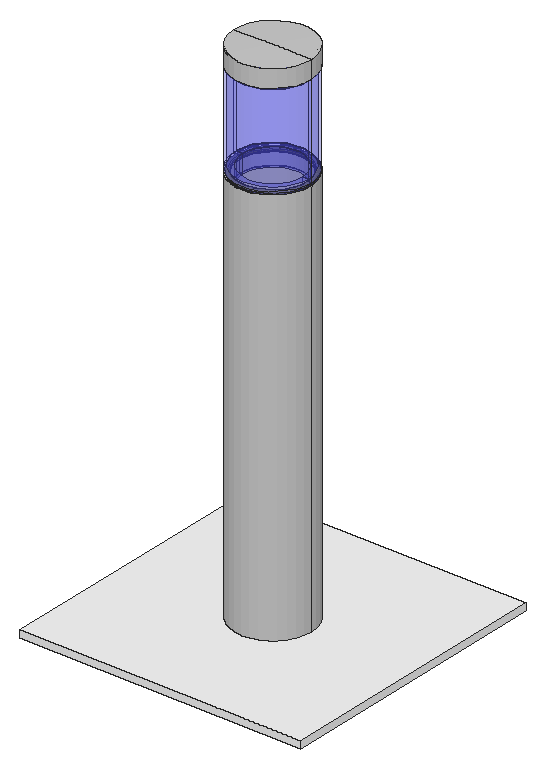
Revit family "BE_84417_de_DE", category Leuchten, Revit 2020
Family settings
  Basisbauteil = Fläche
  Bemaßung runder Anschluss = Durchmesser verwenden
  Teiletyp = Normal
  Beim Laden mit Abzugskörper schneiden = Ja
  Lichtquelle = Ja
  Gemeinsam genutzt = Nein
  Raumberechnungspunkt = Ja
Parameters (values of type "BEGA_84417_Silber_K4")
  built-in parameter 1150104 = 18.343 (stored number, unit not read)
  Wattage = 3.9 W
  Default Elevation = 0 mm
  built-in parameter 1150113 = 1 (stored number, unit not read)
  built-in parameter 1114218 = 1 (stored number, unit not read)
  Umgebungstemperatur = "25 °C"
  URL = "https://www.bega.com/de/produkt/84417"
  Typenkommentare = "© 2022 BEGA. Wir behalten uns das Recht vor, technische Änderungen ohne vorherige Ankündigung vorzunehmen."  # constant formula
  Type Image = 84417.png
  built-in parameter 1150134 = 12
  built-in parameter 1150109 = 1 (stored number, unit not read)
  Strom = ""
  built-in parameter 1150110 = 1 (stored number, unit not read)
  Spannung = 239.996 V
  Sonderanfertigung = no
  Seriennummer [instance] = "Hier können Sie die eindeutige Seriennummer für das Facility Management eintragen."
  Schutzklasse = "I"
  Schutzart = "IP 65"
  Scheinlast = 0 VA
  Produktdatenblatt = "https://cdn.bega.com/bega/products/84417AK4/current/documents/data-sheets/de"
  Oberflächentemperatur = ""
  Neigungswinkel = 0.00°
  Modell = "84417AK4"
  Material_18 = BEGA_Gummi_schwarz
  Material_17 = BEGA_Reflektor
  Material_15 = BEGA_Leuchtmedium_matt
  Material_11 = BEGA_Glas_opal
  Material_09 = BEGA_Glas_klar
  Material_08 = BEGA_Oberfläche_Stahl_verzinkt
  Material_06 = BEGA_Oberfläche_Edelstahl_gebürstet
  Material_03 = BEGA_Oberfläche_Weiss_matt
  Material_02 = BEGA_Oberfläche_Silber_matt
  Material_01 [instance] = BEGA_Oberfläche_Grafit_matt
  M_W = no
  M_G = no
  M_A = yes
  Logo = 0
  built-in parameter 1114217 = 1 (stored number, unit not read)
  built-in parameter 1150139 = (empty or 0)
  built-in parameter 1150105 = 61.276 (stored number, unit not read)
  built-in parameter 1150114 = 1 (stored number, unit not read)
  Lumens = 770.016 lm
  built-in parameter 1150115 = 1 (stored number, unit not read)
  Leuchtenlichtstrom = "475 lm"
  Leuchtenanzahl = ""
  Lebensdauerkriterien = "L70B50 @ 25 °C = 200000 h"
  Lastklassifizierung = Beleuchtung
  built-in parameter 1150112 = 1 (stored number, unit not read)
  Lampenlichtstrom = "770 lm"
  Lampe = "LED 3.9 W"
  LED_Modulbezeichnung = "LED-0265/840"
  built-in parameter 1150142 = (empty or 0)
  Hersteller = "BEGA"  # constant formula
  Halbstreuwinkel = ""
  Gewicht = "3.2 kg"
  Gebrauchslageneinschränkung [instance] = ""
  Frequenz = "0/50-60 Hz"
  Farbwiedergabeindex = "CRI > 80"
  Farbtemperaturverschiebung bei Dämpfen der Lampe = <Keine Auswahl>
  Farbtemperatur = "4000 K"
  Color Filter = 16777215
  built-in parameter 1150133 = 10 (stored number, unit not read)
  Energieeffizienzklasse = "LED A++ - A"
  built-in parameter 1150137 = (empty or 0)
  built-in parameter 1150132 = (empty or 0)
  ENEC = "ja"
  Datei für fotometrisches Netz = "BE_84417K4.IES"
  CE_Konformität = "ja"
  Bestellnummer = "84417AK4"
  Beschreibung_Sonderanfertigung = "Hier können Sie Informationen zur Sonderanfertigung eintragen."
  Beschreibung = "Garten- und Wegeleuchte"
  built-in parameter 1150106 = 0.61276 (stored number, unit not read)
  Befestigungsbohrung = "Ø 9 mm"
  Befestigungsabstand = ""
  Ballwurfsicher = ""
  BEGA_Intern_aus = yes
  BEGA_Intern_an = yes
  BEGA_Intern_Konstruktion = yes
  BEGA_Intern = yes
  BEGA_IES = yes
  BEGA_Dummy = no
  Anschlussleitung = ""
  Anschlussleistung [instance] = "5 W"
  built-in parameter 1150107 = 4000 (stored number, unit not read)
  built-in parameter 1150102 = (empty or 0)
  built-in parameter 1150138 = (empty or 0)
  Aktualisierung = "2022-05-19T04:00:07"
  Abstand_zur_angestrahlten_Fläche [instance] = ""
  AC/DC = "AC/DC"
Types (4, lengths in mm): name | built-in parameter 1150104 | built-in parameter 1150134 | Modell | M_G | M_A | built-in parameter 1150105 | Lumens | Leuchtenlichtstrom | Lampenlichtstrom | LED_Modulbezeichnung | Farbtemperatur | Datei für fotometrisches Netz | Bestellnummer | built-in parameter 1150106 | built-in parameter 1150107
  BEGA_84417_Silber_K3 | 17.866 (stored number, unit not read) | (empty or 0) | "84417AK3" | no | yes | 59.684 (stored number, unit not read) | 750.009 lm | "463 lm" | "750 lm" | "LED-0265/830" | "3000 K" | "BE_84417K3.IES" | "84417AK3" | 0.59684 (stored number, unit not read) | 3000 (stored number, unit not read)
  BEGA_84417_Silber_K4 | 18.343 (stored number, unit not read) | 12 | "84417AK4" | no | yes | 61.276 (stored number, unit not read) | 770.016 lm | "475 lm" | "770 lm" | "LED-0265/840" | "4000 K" | "BE_84417K4.IES" | "84417AK4" | 0.61276 (stored number, unit not read) | 4000 (stored number, unit not read)
  BEGA_84417_Grafit_K3 | 17.866 (stored number, unit not read) | (empty or 0) | "84417K3" | yes | no | 59.684 (stored number, unit not read) | 750.009 lm | "463 lm" | "750 lm" | "LED-0265/830" | "3000 K" | "BE_84417K3.IES" | "84417K3" | 0.59684 (stored number, unit not read) | 3000 (stored number, unit not read)
  BEGA_84417_Grafit_K4 | 18.343 (stored number, unit not read) | 12 | "84417K4" | yes | no | 61.276 (stored number, unit not read) | 770.016 lm | "475 lm" | "770 lm" | "LED-0265/840" | "4000 K" | "BE_84417K4.IES" | "84417K4" | 0.61276 (stored number, unit not read) | 4000 (stored number, unit not read)
Reference planes
  plane 1 "Mitte (Vorne/Hinten)": y = 0
  plane 2: z = 0
  plane 3 "Mitte (Links/Rechts)": x = 0
  plane 4 "Links": x = -55
  plane 5 "Rechts": x = 55.007
  plane 6 "Unten": y = -55
  plane 7 "Oben": y = 55
  plane 8 "Vorne": z = 730.771
  plane 9 "Hinten": z = 0
Forms (mm)
  Extrusion 1, solid, material "BEGA_Platte_Weiss"
    sketch origin (0, -1119.2, 0) x (1, 0, 0) y (0, 1, 0)
      loop
        line (-200, 1319.2) -> (-200, 919.2) -> (200, 919.2) -> (200, 1319.2) -> (-200, 1319.2)
    from 0 to -10
  Extrusion 2, solid, material "BEGA_Dummy_matt", visible <- "BEGA_Dummy"
    sketch origin (77.149, -76.023, 0) x (1, 0, 0) y (0, 1, 0)
      loop
        circle (-77.149, 76.023) r 55
    from 0 to 730.771
Dimensions and locks
  plane 1 "Mitte (Vorne/Hinten)" to Extrusion 1 = 200 mm
  aligned and locked: plane 2 to Extrusion 1
  aligned and locked: level to Extrusion 1
Nested families
  nested 1: "84417" at (0, 0, 0), type "84417"
Connectors
  electrical at (0, 0, 0), driven by "Lastklassifizierung", driven by "Spannung", driven by "Scheinlast"
    settings: index 1, voltage 239.996 V, apparent load 0 VA, apparent load phase1 0 VA, apparent load phase2 0 VA, apparent load phase3 0 VA, power factor 1, load classification "Beleuchtung", number of poles 1, system type 31, power factor state 1, is connector primary yes, connector utility no, sub classification motor no, connector description ""
Definition of nested family "84417"
  Parameters (values of type "84417")
    Default Elevation = 1 mm
    URL = "http://www.bega.de/de/produkt"
    Type Comments = "© 2015 BEGA. Wir behalten uns das Recht vor, technische Änderungen ohne vorherige Ankündigung vorzunehmen. "  # constant formula
    Type Image = (empty or 0)
    Neigungswinkel_um_Z2 = 0.00°
    Neigungswinkel_um_Z1 = 0.00°
    Neigungswinkel_um_Y2 = 0.00°
    Neigungswinkel_um_Y1 = 0.00°
    Neigungswinkel_um_X2 = 0.00°
    Neigungswinkel_um_X1 = 0.00°
    Material_18 = none
    Material_17 = none
    Material_15 = none
    Material_11 = none
    Material_09 = none
    Material_08 = none
    Material_06 = none
    Material_02 = none
    Material_01 = none
    M_W = no
    M_G = no
    M_A = yes
    Länge_Platte = 200 mm  # constant formula
    Höhe_Platte = -10 mm  # constant formula
    Manufacturer = "BEGA"  # constant formula
    Drehwinkel_um_Z2 = 0.00°
    Drehwinkel_um_Z1 = 0.00°
    Breite_Platte = 200 mm  # constant formula
  Reference planes
    plane 1 "Mitte (Oben/Unten)": y = 0
    plane 2: z = 0
    plane 3 "Mitte (Links/Rechts)": x = 0
    plane 4 "Links": x = -55
    plane 5 "Rechts": x = 55.007
    plane 6 "Oben": y = 55
    plane 7 "Unten": y = -55
    plane 8: z = 0
    plane 9: z = 730.771
  Forms (mm)
    Extrusion 1, solid, detail levels medium
      sketch origin (0, 0, 0) x (1, 0, 0) y (0, 1, 0)
        loop
          line (-100, 100) -> (-100, -100) -> (100, -100) -> (100, 100) -> (-100, 100)
      from 0 to -10 <- "Höhe_Platte"
    Revolve 2, solid, material <- "Material_01", visible <- "M_G"
      sketch origin (0, 0, 0) x (1, 0, 0) y (0, 0, 1)
        loop
          line (-51.456, 704.455) -> (-51.456, 727.705) -> (-0.001, 727.705) -> (-0.001, 730.752) -> (-55, 729.455) -> (-55, 704.455) -> (-51.456, 704.455)
        axis (-0.001, 730.752) -> (-0.001, 704.455)
      angle from 0 to 360
    Revolve 3, solid, material <- "Material_11"
      sketch origin (0, 0, 0) x (1, 0, 0) y (0, 0, 1)
        loop
          line (0, 726.455) -> (-51.09, 726.455) -> (-51.09, 704.386) -> (-55.001, 704.386) -> (-55.001, 571.741) -> (-48.552, 571.741) -> (-48.552, 566.465) -> (-46.878, 566.465) -> (-46.878, 548.455) -> (-42, 548.455) -> (-42, 575.45) -> (-51, 575.45) -> (-51, 700.45) -> (-47.154, 700.45) -> (-47.154, 723.077) -> (0, 723.077) -> (0, 726.455)
        axis (0, 726.455) -> (0, 548.455)
      angle from 0 to 360
    Revolve 4, solid, material <- "Material_18"
      sketch origin (0, 0, 0) x (1, 0, 0) y (0, 0, 1)
        loop
          circle (-50.836, 569.147) r 2.534
        axis (0, 569.147) -> (0, 568.147)
      angle from 0 to 360
    Revolve 5, solid, material <- "Material_01", visible <- "M_G"
      sketch origin (0, 0, 0) x (1, 0, 0) y (0, 0, 1)
        loop
          line (-55, 568.155) -> (-55, 0) -> (-53, 0) -> (-53, 568.155) -> (-55, 568.155)
        axis (0, 568.155) -> (0, 0)
      angle from 0 to 360
    Revolve 6, solid, material <- "Material_08"
      sketch origin (0, 0, 0) x (1, 0, 0) y (0, 0, 1)
        loop
          line (-44.52, 120) -> (-44.52, 3) -> (-42.5, 3) -> (-42.5, 120) -> (-44.52, 120)
        axis (0, 120) -> (0, 3)
      angle from 0 to 360
    Revolve 7, solid, material <- "Material_02", visible <- "M_A"
      sketch origin (0, 0, 0) x (1, 0, 0) y (0, 0, 1)
        loop
          line (-55, 568.155) -> (-55, 0) -> (-53, 0) -> (-53, 568.155) -> (-55, 568.155)
        axis (0, 568.155) -> (0, 0)
      angle from 0 to 360
    Revolve 8, solid, material <- "Material_02", visible <- "M_A"
      sketch origin (0, 0, 0) x (1, 0, 0) y (0, 0, 1)
        loop
          line (-51.456, 704.455) -> (-51.456, 727.705) -> (-0.008, 727.705) -> (-0.008, 730.752) -> (-55, 729.455) -> (-55, 704.455) -> (-51.456, 704.455)
        axis (-0.008, 730.752) -> (-0.008, 704.455)
      angle from 0 to 360
    Extrusion 9, solid, material <- "Material_08"
      sketch origin (0, 0, 0) x (1, 0, 0) y (0, 1, 0)
        loop
          arc (-4.5, -35.473) -> (0, -39.525) -> (4.5, -35.473) r 4.525
          line (4.5, -35.473) -> (4.5, -32.5)
          arc (4.5, -32.5) -> (0, -28) -> (-4.5, -32.5) r 4.5
          line (-4.5, -32.5) -> (-4.5, -35.473)
        loop
          arc (25.631, 19.982) -> (24.249, 14) -> (30.121, 12.207) r 4.5
          line (30.121, 12.207) -> (32.555, 13.612)
          arc (32.555, 13.612) -> (34.199, 19.745) -> (28.066, 21.388) r 4.489
          line (28.066, 21.388) -> (25.631, 19.982)
        loop
          arc (-28.065, 21.4) -> (-34.211, 19.745) -> (-32.555, 13.6) r 4.5
          line (-32.555, 13.6) -> (-30.393, 12.351)
          arc (-30.393, 12.351) -> (-24.25, 13.998) -> (-25.889, 20.143) r 4.5
          line (-25.889, 20.143) -> (-28.065, 21.4)
        loop
          arc (-24.393, 6.981) -> (-32.482, -0.857) -> (-32.836, -12.115) r 15
          arc (-32.836, -12.115) -> (-30.307, -17.507) -> (-26.899, -22.393) r 35
          arc (-26.899, -22.393) -> (-16.975, -27.703) -> (-6.151, -24.615) r 15
          arc (-6.151, -24.615) -> (0.002, -22.5) -> (6.154, -24.617) r 10
          arc (6.154, -24.617) -> (9.865, -26.739) -> (14.024, -27.727) r 15
          arc (14.024, -27.727) -> (21.138, -26.638) -> (26.925, -22.361) r 15
          arc (26.925, -22.361) -> (30.317, -17.49) -> (32.836, -12.115) r 35
          arc (32.836, -12.115) -> (32.376, -0.621) -> (23.91, 7.167) r 15
          arc (23.91, 7.167) -> (19.219, 11.694) -> (18.305, 18.148) r 10.022
          arc (18.305, 18.148) -> (15.356, 28.752) -> (5.964, 34.488) r 15
          arc (5.964, 34.488) -> (0, 35) -> (-5.964, 34.488) r 35
          arc (-5.964, 34.488) -> (-15.516, 28.536) -> (-18.24, 17.616) r 15
          arc (-18.24, 17.616) -> (-19.49, 11.242) -> (-24.393, 6.981) r 10
        loop
          circle (0, 0) r 47.5
      from 0 to 3
  Cuts and joins
    joined: Revolve 6, Extrusion 9
  Dimensions and locks
    equal spacing: Extrusion 1 sketch curve, plane 3 "Mitte (Links/Rechts)", Extrusion 1 sketch curve
    equal spacing: Extrusion 1 sketch curve, plane 1 "Mitte (Oben/Unten)", Extrusion 1 sketch curve
    "Länge_Platte": Extrusion 1 sketch curve to Extrusion 1 sketch curve
    "Breite_Platte": Extrusion 1 sketch curve to Extrusion 1 sketch curve
    cut or joined group of Revolve 6, Extrusion 9 to plane 3 "Mitte (Links/Rechts)" to cut or joined group of Revolve 6, Extrusion 9 = 4.5 mm, 4.5 mm
    aligned and locked: plane 2 to Extrusion 1
    aligned and locked: level to Extrusion 1
  Automatic sketch dimensions
    Revolve 3 sketch curve to plane 3 "Mitte (Links/Rechts)" = 0 mm  (x2)
    Revolve 3 sketch curve to plane 3 "Mitte (Links/Rechts)" = 42 mm
    Revolve 3 sketch curve to Revolve 3 sketch curve = 4.878 mm
    Revolve 3 sketch curve to Revolve 3 sketch curve = 47.154 mm
    Revolve 3 sketch curve to Revolve 3 sketch curve = 1.674 mm
    Revolve 3 sketch curve to Revolve 3 sketch curve = 3.846 mm
    Revolve 3 sketch curve to Revolve 3 sketch curve = 3.936 mm  (x2)
    Revolve 3 sketch curve to Revolve 3 sketch curve = 4.001 mm
    Revolve 3 sketch curve to Revolve 3 sketch curve = 18.009 mm
    Revolve 3 sketch curve to Revolve 3 sketch curve = 5.276 mm
    Revolve 3 sketch curve to Revolve 3 sketch curve = 3.709 mm
    Revolve 3 sketch curve to Revolve 3 sketch curve = 125 mm
    Revolve 3 sketch curve to Revolve 3 sketch curve = 18.691 mm
    Revolve 3 sketch curve to Revolve 3 sketch curve = 3.378 mm
    Revolve 3 sketch curve to Revolve 3 sketch curve = 4.419 mm
    Revolve 3 sketch curve to Revolve 3 sketch curve = 2.581 mm
    Revolve 4 sketch curve to plane 3 "Mitte (Links/Rechts)" = 0 mm
    Revolve 4 sketch curve to plane 3 "Mitte (Links/Rechts)" = 50.836 mm
    Revolve 4 sketch curve to Revolve 4 sketch curve = 15.15 mm
    Revolve 4 sketch curve to Revolve 4 sketch curve = 25 mm
    Revolve 5 sketch curve to level = 0 mm
    Revolve 5 sketch curve to plane 3 "Mitte (Links/Rechts)" = 0 mm
    Revolve 5 sketch curve to plane 3 "Mitte (Links/Rechts)" = 53 mm
    Revolve 5 sketch curve to Revolve 5 sketch curve = 2 mm
    Revolve 5 sketch curve to level = 13.31 mm
    Revolve 5 sketch curve to Revolve 5 sketch curve = 3.585 mm
    Revolve 6 sketch curve to plane 3 "Mitte (Links/Rechts)" = 0 mm
    Revolve 6 sketch curve to plane 3 "Mitte (Links/Rechts)" = 42.5 mm
    Revolve 6 sketch curve to Revolve 6 sketch curve = 2.02 mm
    Revolve 6 sketch curve to Revolve 6 sketch curve = 398 mm
    Revolve 6 sketch curve to Revolve 6 sketch curve = 10 mm
    Revolve 7 sketch curve to level = 0 mm
    Revolve 7 sketch curve to plane 3 "Mitte (Links/Rechts)" = 0 mm
    Revolve 7 sketch curve to plane 3 "Mitte (Links/Rechts)" = 53 mm
    Revolve 7 sketch curve to Revolve 7 sketch curve = 2 mm
    Revolve 7 sketch curve to level = 13.31 mm
    Revolve 7 sketch curve to Revolve 7 sketch curve = 3.585 mm
    level to Revolve 6 sketch curve = 3 mm
    level to Revolve 3 sketch curve = 548.455 mm
    level to Revolve 4 sketch curve = 569.147 mm
    Revolve 5 sketch curve to Revolve 5 sketch curve = 568.155 mm
    level to Revolve 6 sketch curve = 120 mm
    Revolve 7 sketch curve to Revolve 7 sketch curve = 568.155 mm
    Revolve 8 sketch curve to plane 4 "Links" = 0 mm
    Revolve 8 sketch curve to Revolve 8 sketch curve = 3.544 mm
    Revolve 8 sketch curve to plane 9 = 26.316 mm
    Revolve 8 sketch curve to plane 9 = 3.066 mm
    Revolve 8 sketch curve to plane 9 = 1.316 mm
    Revolve 8 sketch curve to plane 3 "Mitte (Links/Rechts)" = 0.008 mm  (x2)
    Revolve 8 sketch curve to plane 9 = 0.019 mm  (x2)
    Revolve 8 sketch curve to Revolve 8 sketch curve = 0 mm
    Revolve 2 sketch curve to plane 4 "Links" = 0 mm
    Revolve 2 sketch curve to Revolve 2 sketch curve = 3.544 mm
    Revolve 2 sketch curve to plane 9 = 26.316 mm
    Revolve 2 sketch curve to plane 9 = 3.066 mm
    Revolve 2 sketch curve to plane 9 = 1.316 mm
    Revolve 2 sketch curve to plane 3 "Mitte (Links/Rechts)" = 0.001 mm  (x2)
    Revolve 2 sketch curve to plane 9 = 0.019 mm  (x2)
    Revolve 2 sketch curve to Revolve 2 sketch curve = 0 mm
    Extrusion 9 sketch curve to Extrusion 9 sketch curve = 0 mm  (x25)
    plane 1 "Mitte (Oben/Unten)" to Extrusion 9 sketch curve = 0 mm
    Extrusion 9 sketch curve to plane 3 "Mitte (Links/Rechts)" = 0 mm  (x3)
    Extrusion 9 sketch curve to plane 3 "Mitte (Links/Rechts)" = 3.387 mm
    Extrusion 9 sketch curve to plane 3 "Mitte (Links/Rechts)" = 4.5 mm
    Extrusion 9 sketch curve to plane 3 "Mitte (Links/Rechts)" = 15.377 mm
    Extrusion 9 sketch curve to Extrusion 9 sketch curve = 3.387 mm  (x2)
    Extrusion 9 sketch curve to Extrusion 9 sketch curve = 22.503 mm
    Extrusion 9 sketch curve to Extrusion 9 sketch curve = 2.176 mm
    Extrusion 9 sketch curve to Extrusion 9 sketch curve = 2.256 mm
    Extrusion 9 sketch curve to Extrusion 9 sketch curve = 2.165 mm  (x2)
    Extrusion 9 sketch curve to Extrusion 9 sketch curve = 2.247 mm
    Extrusion 9 sketch curve to Extrusion 9 sketch curve = 2.162 mm
    plane 3 "Mitte (Links/Rechts)" to Extrusion 9 sketch curve = 3.387 mm
    plane 3 "Mitte (Links/Rechts)" to Extrusion 9 sketch curve = 15.377 mm
    Extrusion 9 sketch curve to Extrusion 9 sketch curve = 22.245 mm
    Extrusion 9 sketch curve to Extrusion 9 sketch curve = 2.435 mm  (x2)
    Extrusion 9 sketch curve to Extrusion 9 sketch curve = 2.514 mm
    Extrusion 9 sketch curve to plane 1 "Mitte (Oben/Unten)" = 12.207 mm
    Extrusion 9 sketch curve to Extrusion 9 sketch curve = 1.975 mm
    plane 1 "Mitte (Oben/Unten)" to Extrusion 9 sketch curve = 6.923 mm  (x2)
    Extrusion 9 sketch curve to Extrusion 9 sketch curve = 5.866 mm  (x2)
    plane 7 "Unten" to Extrusion 9 sketch curve = 22.5 mm
    Extrusion 9 sketch curve to Extrusion 9 sketch curve = 2.5 mm
    Extrusion 9 sketch curve to Extrusion 9 sketch curve = 2.973 mm
    Extrusion 9 sketch curve to plane 1 "Mitte (Oben/Unten)" = 12.351 mm
    Extrusion 9 sketch curve to Extrusion 9 sketch curve = 1.249 mm
    Extrusion 9 sketch curve to Extrusion 9 sketch curve = 4.043 mm
    Extrusion 9 sketch curve to Extrusion 9 sketch curve = 3.899 mm
    Extrusion 9 sketch curve to Extrusion 9 sketch curve = 1.25 mm  (x2)
    Extrusion 9 sketch curve to plane 1 "Mitte (Oben/Unten)" = 19.711 mm
    Extrusion 9 sketch curve to Extrusion 9 sketch curve = 1.406 mm
    Extrusion 9 sketch curve to plane 3 "Mitte (Links/Rechts)" = 5.964 mm
    Extrusion 9 sketch curve to plane 3 "Mitte (Links/Rechts)" = 6.151 mm
    Extrusion 9 sketch curve to Extrusion 9 sketch curve = 7.65 mm
    Extrusion 9 sketch curve to plane 1 "Mitte (Oben/Unten)" = 6.981 mm
    Extrusion 9 sketch curve to Extrusion 9 sketch curve = 5.937 mm
    plane 3 "Mitte (Links/Rechts)" to Extrusion 9 sketch curve = 5.964 mm
    plane 3 "Mitte (Links/Rechts)" to Extrusion 9 sketch curve = 6.154 mm
    Extrusion 9 sketch curve to Extrusion 9 sketch curve = 7.87 mm
    Extrusion 9 sketch curve to Extrusion 9 sketch curve = 7.326 mm
    Extrusion 9 sketch curve to plane 1 "Mitte (Oben/Unten)" = 7.167 mm
    Extrusion 9 sketch curve to Extrusion 9 sketch curve = 5.911 mm
    radius of Revolve 4 sketch curve = 2.534 mm
    radius of Extrusion 9 sketch curve = 47.5 mm
